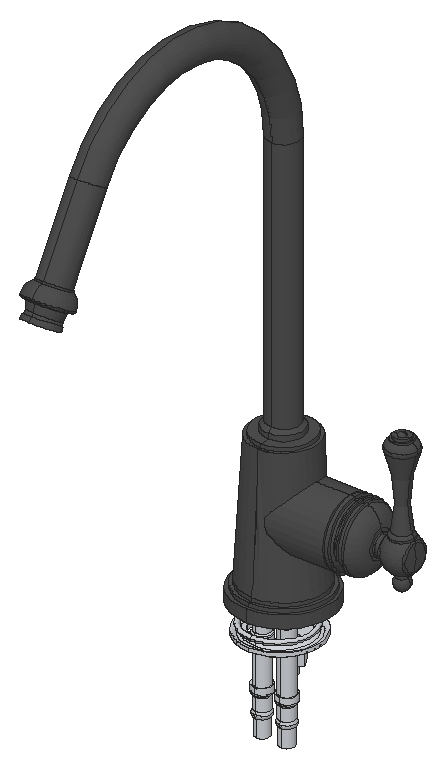
Revit family "Reece_Tap_Kado_Era_Sink Mixer_Pull Out", category Plumbing Fixtures, host Face, Revit 2018
Family settings
  Host = Face
  Round Connector Dimension = Use Diameter
  Part Type = Normal
  Cut with Voids When Loaded = No
  Shared = Yes
  Room Calculation Point = Yes
Parameters (values of type "200 mm_Matte Black")
  WFU = 0  # constant formula
  URL = "https://www.reece.com.au/product/-2263715"
  Type Comments = "Tap"
  Reece_Tap_Reach = 200 mm  # constant formula
  Reece_Tap_Inlet = 12.5 mm  # constant formula
  Reece_Product_Web Page = "https://www.reece.com.au/product/-2263715"
  Reece_Product_Type = "Tap"  # constant formula
  Reece_Product_Sub Brand = "Era"  # constant formula
  Reece_Product_Number = "2263715"
  Reece_Product_Mount = "Hob Mounted"
  Reece_Product_Description = "Kado Era Pull Out Sink Mixer Large Matte Black (5 Star)"
  Reece_Product_Brand = "Kado"  # constant formula
  Reece_Overall_Length = 368 mm  # constant formula
  Reece_Material_Secondary = Reece_Brass_Matte Black
  Reece_Material_Main = Reece_Brass_Matte Black
  Reece_Handle_Type = Reece_Tap_Kado_Era_Mixer_Lever Handle_Nested : Reece_Tap_Kado_Era_Mixer_Lever Handle_Nested
  Reece_Detail_Installation = ""
  Reece_Detail_Disclaimer = "THIS FILE IS THE PROPERTY OF THE REECE GROUP. IT MAY NOT BE REPRODUCED, REVERSE-ENGINEERED OR MODIFIED. ANY REPUBLICATION, TRANSMISSION OR DISTRIBUTION FOR THE PURPOSE OF COMMERCIALLY EXPLOITING THE FILES IS PROHIBITED."  # constant formula
  Reece_Detail_Connector = "Pull Out, Large"
  Reece_Detail_Additional = "Pull Out, Large"  # constant formula
  Model = "Era"
  Manufacturer = "Kado"
  Keynote = "Product #2263715, Reece_Tap_Kado_Era_Sink Mixer_Pull Out - 200 mm_Matte Black"
  HWFU = 0  # constant formula
  Disclaimer = "THIS FILE IS THE PROPERTY OF THE REECE GROUP. IT MAY NOT BE REPRODUCED, REVERSE-ENGINEERED OR MODIFIED. ANY REPUBLICATION, TRANSMISSION OR DISTRIBUTION FOR THE PURPOSE OF COMMERCIALLY EXPLOITING THE FILES IS PROHIBITED."  # constant formula
  Description = "Kado Era Pull Out Sink Mixer Large Matte Black (5 Star)"
  Default Elevation = 1000 mm
  CWFU = 0  # constant formula
Types (5, lengths in mm): name | URL | Reece_Product_Web Page | Reece_Product_Number | Reece_Product_Description | Reece_Material_Secondary | Reece_Material_Main | Reece_Handle_Type | Reece_Detail_Connector | Keynote | Description
  200 mm_Chrome | "https://www.reece.com.au/product/-2263714" | "https://www.reece.com.au/product/-2263714" | "2263714" | "Kado Era Pull Out Sink Mixer Large Chrome (5 Star)" | Reece_Brass_Chrome | Reece_Brass_Chrome | Reece_Tap_Kado_Era_Mixer_Lever Handle_Nested : Reece_Tap_Kado_Era_Mixer_Lever Handle_Nested | "Pull Out, Large" | "Product #2263714, Reece_Tap_Kado_Era_Sink Mixer_Pull Out - 200 mm_Chrome" | "Kado Era Pull Out Sink Mixer Large Chrome (5 Star)"
  200 mm_Matte Black | "https://www.reece.com.au/product/-2263715" | "https://www.reece.com.au/product/-2263715" | "2263715" | "Kado Era Pull Out Sink Mixer Large Matte Black (5 Star)" | Reece_Brass_Matte Black | Reece_Brass_Matte Black | Reece_Tap_Kado_Era_Mixer_Lever Handle_Nested : Reece_Tap_Kado_Era_Mixer_Lever Handle_Nested | "Pull Out, Large" | "Product #2263715, Reece_Tap_Kado_Era_Sink Mixer_Pull Out - 200 mm_Matte Black" | "Kado Era Pull Out Sink Mixer Large Matte Black (5 Star)"
  200 mm_Lever Handle_Chrome_Porcelain | "https://www.reece.com.au/product/-2263713" | "https://www.reece.com.au/product/-2263713" | "2263713" | "Kado Era Pull Out Sink Mixer Large Porcelain Handle Chrome (5 Star)" | Reece_Porcelain_White | Reece_Brass_Chrome | Reece_Tap_Kado_Era_Mixer_Porcelain Handle_Nested : Reece_Tap_Kado_Era_Mixer_Porcelain Handle_Nested | "Pull Out, Large" | "Product #2263713, Reece_Tap_Kado_Era_Sink Mixer_Pull Out - 200 mm_Lever Handle_Chrome_Porcelain" | "Kado Era Pull Out Sink Mixer Large Porcelain Lever Handle Chrome (5 Star)"
  200 mm_Brushed Nickel | "https://www.reece.com.au/product/-9512092" | "https://www.reece.com.au/product/-9512092" | "9512092" | "Kado Era Pull Out Sink Mixer Large Brushed Nickel (5 Star)" | Reece_Brass_Brushed Nickel | Reece_Brass_Brushed Nickel | Reece_Tap_Kado_Era_Mixer_Lever Handle_Nested : Reece_Tap_Kado_Era_Mixer_Lever Handle_Nested | "" | "Product #9512092, Reece_Tap_Kado_Era_Sink Mixer_Pull Out - 200 mm_Brushed Nickel" | "Kado Era Pull Out Sink Mixer Large Brushed Nickel (5 Star)"
  200 mm_Brushed Nickel_Porcelain | "https://www.reece.com.au/product/-9512093" | "https://www.reece.com.au/product/-9512093" | "9512093" | "Kado Era Pull Out Sink Mixer Large Porcelain Handle Brushed Nickel (5 Star)" | Reece_Porcelain_White | Reece_Brass_Brushed Nickel | Reece_Tap_Kado_Era_Mixer_Porcelain Handle_Nested : Reece_Tap_Kado_Era_Mixer_Porcelain Handle_Nested | "" | "Product #9512093, Reece_Tap_Kado_Era_Sink Mixer_Pull Out - 200 mm_Brushed Nickel_Porcelain" | "Kado Era Pull Out Sink Mixer Large Porcelain Handle Brushed Nickel (5 Star)"
Reference planes
  plane 1 "Center (Front/Back)": y = 0
  plane 2 "Bottom": z = 0
  plane 3 "Center (Left/Right)": x = 0
  plane 4 "Top": z = 368
  plane 5: z = 100
  plane 6: y = -30
  plane 7: y = 30
  plane 8: y = -200
Forms (mm)
  Sweep 1, solid, material "Reece_Brass_Matte Black" <- "Reece_Material_Main"
    path origin (0, 0, 0) x (0, 1, 0) y (0, 0, 1)
      loop
        line (0, 83.453) -> (0, 273.453)
        arc (0, 273.453) -> (-63.742, 356.523) -> (-160.478, 316.453) r 86
        line (-160.478, 316.453) -> (-188.263, 268.328)
    profile origin (0, 0, 178.453) x (0, -1, 0) y (1, 0, 0)
      loop
        circle (0, 0) r 10
  Revolve 2, solid, material "Reece_Brass_Matte Black" <- "Reece_Material_Main"
    sketch origin (0, 0, 0) x (0, 1, 0) y (0, 0, 1)
      loop
        line (-188.263, 268.328) -> (-196.923, 273.328)
        arc (-196.923, 273.328) -> (-197.457, 273.349) -> (-197.705, 272.877) r 0.5
        arc (-197.705, 272.877) -> (-202.724, 271.012) -> (-206.43, 267.149) r 11.987
        arc (-206.43, 267.149) -> (-206.551, 266.576) -> (-206.294, 266.05) r 0.9
        line (-206.294, 266.05) -> (-203.982, 263.738) -> (-205.356, 258.645)
        arc (-205.356, 258.645) -> (-206.136, 257.99) -> (-206.791, 257.21) r 5.915
        arc (-206.791, 257.21) -> (-208.141, 256.174) -> (-209.176, 254.825) r 6.516
        line (-209.176, 254.825) -> (-207.097, 253.624) -> (-204.488, 258.144) -> (-196.729, 253.665) -> (-188.263, 268.328)
      axis (-199.339, 249.145) -> (-188.263, 268.328)
    angle from 0 to 360
  Extrusion 3, void
    sketch origin (0, 0, 0) x (1, 0, 0) y (0, 1, 0)
      loop
        circle (0, 0) r 17.5
    from 0 to -99.399
  Revolve 4, solid
    sketch origin (-0.052, -6.983, 0.421) x (0, 1, 0) y (0, 0, 1)
      loop
        line (14.924, -0.412) -> (8.849, -0.412)
        arc (8.849, -0.412) -> (8.496, -0.558) -> (8.349, -0.912) r 0.5
        line (8.349, -0.912) -> (8.349, -14.094) -> (11.924, -14.094) -> (11.924, -47)
        arc (11.924, -47) -> (12.07, -47.353) -> (12.424, -47.5) r 0.5
        line (12.424, -47.5) -> (14.924, -47.5) -> (14.924, -0.412)
      axis (14.924, -47.5) -> (14.924, -0.412)
    angle from 0 to 360
  Extrusion 5, solid
    sketch origin (619.148, -626.183, -29.579) x (1, 0, 0) y (0, 1, 0)
      loop
        circle (-619.2, 634.124) r 3
      loop
        line (-622.996, 640.698) -> (-626.791, 634.124) -> (-622.996, 627.549) -> (-615.404, 627.549) -> (-611.609, 634.124) -> (-615.404, 640.698) -> (-622.996, 640.698)
    from -10 to 10
  Revolve 6, solid
    sketch origin (-0.052, -2.822, 3.421) x (0, 1, 0) y (0, 0, 1)
      loop
        arc (18.75, -21.5) -> (21.75, -23) -> (24.75, -21.5) r 3.75
        line (24.75, -21.5) -> (25.75, -21.5) -> (25.75, -19)
        arc (25.75, -19) -> (24.212, -19.499) -> (22.941, -20.498) r 4.61
        arc (22.941, -20.498) -> (21.841, -21) -> (20.728, -20.527) r 1.5
        arc (20.728, -20.527) -> (19.122, -19.398) -> (17.2, -19) r 4.84
        line (17.2, -19) -> (17.2, -21.5) -> (18.75, -21.5)
      axis (0, -19) -> (0, -21.5)
    angle from 0 to 360
  Revolve 7, solid
    sketch origin (-0.052, -5.42, 2.421) x (0, 1, 0) y (0, 0, 1)
      loop
        circle (22.2, -14) r 1.3
      axis (1, -14) -> (1, -13)
    angle from 0 to 360
  Revolve 8, solid
    sketch origin (-8.054, -4579.5, 338.47) x (0, 0, 1) y (0, -1, 0)
      loop
        line (-387.147, -4565.8) -> (-391.049, -4565.8)
        arc (-391.049, -4565.8) -> (-391.523, -4565.877) -> (-391.949, -4566.101) r 1.5
        line (-391.949, -4566.101) -> (-393.187, -4567.03) -> (-401.547, -4567.03) -> (-403.576, -4566.425)
        arc (-403.576, -4566.425) -> (-404.969, -4566.518) -> (-405.962, -4567.5) r 2
        line (-405.962, -4567.5) -> (-417.274, -4567.5) -> (-417.274, -4572) -> (-333.442, -4572) -> (-333.442, -4567.702) -> (-338.011, -4567.702) -> (-338.011, -4566.5) -> (-342.546, -4566.531) -> (-342.546, -4568.342)
        arc (-342.546, -4568.342) -> (-343.35, -4566.738) -> (-345.117, -4566.425) r 2
        line (-345.117, -4566.425) -> (-347.146, -4567.03) -> (-355.506, -4567.03) -> (-356.743, -4566.101)
        arc (-356.743, -4566.101) -> (-357.169, -4565.877) -> (-357.644, -4565.8) r 1.5
        line (-357.644, -4565.8) -> (-361.546, -4565.8) -> (-361.546, -4567) -> (-387.147, -4567) -> (-387.147, -4565.8)
      axis (-333.442, -4572) -> (-417.274, -4572)
    angle from 0 to 360
  Revolve 9, solid
    sketch origin (8.232, -4579.5, 338.47) x (0, 0, 1) y (0, 1, 0)
      loop
        line (-387.147, 4565.8) -> (-387.147, 4567) -> (-361.546, 4567) -> (-361.546, 4565.8) -> (-357.644, 4565.8)
        arc (-357.644, 4565.8) -> (-357.169, 4565.877) -> (-356.743, 4566.101) r 1.5
        line (-356.743, 4566.101) -> (-355.506, 4567.03) -> (-347.146, 4567.03) -> (-345.117, 4566.425)
        arc (-345.117, 4566.425) -> (-343.35, 4566.738) -> (-342.546, 4568.342) r 2
        line (-342.546, 4568.342) -> (-342.546, 4566.531) -> (-338.011, 4566.5) -> (-338.011, 4567.702) -> (-333.442, 4567.702) -> (-333.442, 4572) -> (-417.274, 4572) -> (-417.274, 4567.5) -> (-405.962, 4567.5)
        arc (-405.962, 4567.5) -> (-404.969, 4566.518) -> (-403.576, 4566.425) r 2
        line (-403.576, 4566.425) -> (-401.547, 4567.03) -> (-393.187, 4567.03) -> (-391.949, 4566.101)
        arc (-391.949, 4566.101) -> (-391.523, 4565.877) -> (-391.049, 4565.8) r 1.5
        line (-391.049, 4565.8) -> (-387.147, 4565.8)
      axis (-417.274, 4572) -> (-333.442, 4572)
    angle from 0 to 360
  Extrusion 10, solid
    sketch origin (-0.078, -2.822, -19.579) x (1, 0, 0) y (0, 1, 0)
      loop
        arc (-8.263, 1.702) -> (0, 3.159) -> (8.263, 1.702) r 24.16
        line (8.263, 1.702) -> (13.684, -0.271)
        arc (13.684, -0.271) -> (14.638, -1.003) -> (15, -2.15) r 2
        line (15, -2.15) -> (15, -8.417)
        arc (15, -8.417) -> (0, 17.2) -> (-15, -8.417) r 17.2
        line (-15, -8.417) -> (-15, -2.15)
        arc (-15, -2.15) -> (-14.638, -1.003) -> (-13.684, -0.271) r 2
        line (-13.684, -0.271) -> (-8.263, 1.702)
      loop
        circle (0, 10.873) r 5
    from 1.5 to 4
  Revolve 11, solid, material "Reece_Brass_Matte Black" <- "Reece_Material_Main"
    sketch origin (0, -98.145, 0) x (0, 1, 0) y (0, 0, 1)
      loop
        line (98.145, 106.4) -> (98.145, 0) -> (128.645, 0) -> (128.645, 8) -> (126.395, 8) -> (126.395, 10.25) -> (124.145, 10.25) -> (124.145, 12.5)
        arc (124.145, 12.5) -> (120.435, 55.054) -> (119.145, 97.75) r 752.643
        line (119.145, 97.75) -> (116.895, 97.75) -> (116.895, 100) -> (110.645, 100) -> (110.645, 103.4) -> (107.645, 106.4) -> (98.145, 106.4)
      axis (98.145, 106.4) -> (98.145, 0)
    angle from 0 to 360
  Revolve 12, solid, material "Reece_Brass_Matte Black" <- "Reece_Material_Main"
    sketch origin (-124.535, 0, 0) x (1, 0, 0) y (0, 0, 1)
      loop
        line (124.535, 55) -> (124.535, 33) -> (168.035, 33) -> (168.035, 34) -> (169.035, 34) -> (169.035, 33) -> (171.535, 33) -> (171.535, 55) -> (124.535, 55)
      axis (124.535, 55) -> (171.535, 55)
    angle from 0 to 360
Cuts and joins
  joined: Sweep 1, Revolve 2, Revolve 11, Revolve 12
  joined: Revolve 4, Extrusion 5, Revolve 6, Revolve 7, Revolve 8, Revolve 9
Text (mm)
  text "Reece Copyright © 2018, Reece Ltd." at (60.763, -266.859, 0), in view "Ref. Level"
  text "Reece ©" at (44.384, 258.95, 192.345), in view "Reece Preview"
Dimensions and locks
  plane 4 "Top" to plane 2 "Bottom" = 368 mm
  "Reece_Tap_Reach": plane 1 "Center (Front/Back)" to plane 8
  plane 2 "Bottom" to plane 5 = 100 mm
  "Reece_Overall_Length": plane 4 "Top" to plane 2 "Bottom"
  plane 5 to plane 2 "Bottom" = 100 mm
  plane 7 to plane 6 = 60 mm
  plane 7 to plane 8 = 230 mm
  plane 8 to plane 1 "Center (Front/Back)" = 200 mm
  aligned and locked: plane 2 "Bottom" to host face
  aligned and locked: level to host face
Automatic sketch dimensions
  host sketch curve to host sketch curve = 380.785 mm
  host sketch curve to host sketch curve = 317.421 mm
  Sweep 1 sketch curve to plane 1 "Center (Front/Back)" = 0 mm
  plane 6 to Sweep 1 sketch curve = 56 mm
  plane 8 to Sweep 1 sketch curve = 39.522 mm
  Sweep 1 sketch curve to plane 4 "Top" = 94.547 mm
  plane 8 to Sweep 1 sketch curve = 11.737 mm
  Sweep 1 sketch curve to Sweep 1 sketch curve = 48.125 mm
  Sweep 1 sketch curve to plane 5 = 16.547 mm
  Sweep 1 sketch curve to plane 3 "Center (Left/Right)" = 0 mm
  Sweep 1 sketch curve to profile plane = 0 mm
  Revolve 2 sketch curve to plane 8 = 9.176 mm
  Revolve 2 sketch curve to Revolve 2 sketch curve = 2.079 mm
  Revolve 2 sketch curve to plane 8 = 6.294 mm
  Revolve 2 sketch curve to Revolve 2 sketch curve = 0.636 mm  (x2)
  Revolve 2 sketch curve to Revolve 2 sketch curve = 1.742 mm
  Revolve 2 sketch curve to Revolve 2 sketch curve = 0.868 mm
  Revolve 2 sketch curve to Revolve 2 sketch curve = 2.312 mm  (x2)
  Revolve 2 sketch curve to plane 8 = 3.533 mm
  Revolve 2 sketch curve to plane 8 = 1.953 mm
  plane 8 to Revolve 2 sketch curve = 2.793 mm
  Revolve 2 sketch curve to Revolve 2 sketch curve = 0.283 mm
  plane 8 to Revolve 2 sketch curve = 3.271 mm
  plane 8 to Revolve 2 sketch curve = 3.855 mm
  Revolve 2 sketch curve to Revolve 2 sketch curve = 8.66 mm
  Revolve 2 sketch curve to plane 4 "Top" = 116.433 mm
  Revolve 2 sketch curve to Revolve 2 sketch curve = 2.058 mm
  Revolve 2 sketch curve to Revolve 2 sketch curve = 2.098 mm
  Revolve 2 sketch curve to Revolve 2 sketch curve = 2.24 mm
  Revolve 2 sketch curve to Revolve 2 sketch curve = 0.501 mm
  Revolve 2 sketch curve to Revolve 2 sketch curve = 7.328 mm
  Revolve 2 sketch curve to Revolve 2 sketch curve = 5.093 mm
  Revolve 2 sketch curve to Revolve 2 sketch curve = 0.412 mm
  Revolve 2 sketch curve to Revolve 2 sketch curve = 0 mm  (x3)
  Revolve 2 sketch curve to plane 8 = 0.756 mm
  Revolve 2 sketch curve to Revolve 2 sketch curve = 4.876 mm
  plane 1 "Center (Front/Back)" to Extrusion 3 sketch curve = 0 mm
  Extrusion 3 sketch curve to plane 3 "Center (Left/Right)" = 0 mm
  Revolve 4 sketch curve to plane 1 "Center (Front/Back)" = 1.367 mm
  level to Revolve 4 sketch curve = 0.009 mm
  Revolve 4 sketch curve to Revolve 4 sketch curve = 0.5 mm  (x2)
  Revolve 4 sketch curve to Revolve 4 sketch curve = 3.574 mm
  Revolve 4 sketch curve to Revolve 4 sketch curve = 2.5 mm
  Revolve 4 sketch curve to Revolve 4 sketch curve = 13.182 mm
  Revolve 4 sketch curve to Revolve 4 sketch curve = 32.906 mm
  Revolve 4 sketch curve to plane 1 "Center (Front/Back)" = 7.941 mm
  Revolve 4 sketch curve to Revolve 4 sketch curve = 0 mm
  Revolve 4 sketch curve to Revolve 4 sketch curve = 20.552 mm
  Extrusion 5 sketch curve to Extrusion 5 sketch curve = 0 mm  (x3)
  Extrusion 5 sketch curve to plane 3 "Center (Left/Right)" = 7.644 mm
  Extrusion 5 sketch curve to plane 3 "Center (Left/Right)" = 3.848 mm  (x2)
  Extrusion 5 sketch curve to plane 1 "Center (Front/Back)" = 1.367 mm
  Extrusion 5 sketch curve to plane 3 "Center (Left/Right)" = 0.052 mm
  plane 3 "Center (Left/Right)" to Extrusion 5 sketch curve = 3.744 mm  (x2)
  plane 3 "Center (Left/Right)" to Extrusion 5 sketch curve = 7.539 mm
  Extrusion 5 sketch curve to Extrusion 5 sketch curve = 6.574 mm  (x3)
  Extrusion 5 sketch curve to Extrusion 5 sketch curve = 3 mm
  Revolve 6 sketch curve to plane 1 "Center (Front/Back)" = 14.378 mm
  Revolve 6 sketch curve to Revolve 6 sketch curve = 1.55 mm
  Revolve 6 sketch curve to Revolve 6 sketch curve = 3 mm
  Revolve 6 sketch curve to Revolve 6 sketch curve = 0.072 mm
  Revolve 6 sketch curve to Revolve 6 sketch curve = 2.928 mm
  Revolve 6 sketch curve to Revolve 6 sketch curve = 1 mm
  Revolve 6 sketch curve to Revolve 6 sketch curve = 0.632 mm
  Revolve 6 sketch curve to level = 20.419 mm
  Revolve 6 sketch curve to Revolve 6 sketch curve = 0.274 mm
  Revolve 6 sketch curve to Revolve 6 sketch curve = 2.34 mm
  Revolve 6 sketch curve to Revolve 6 sketch curve = 2 mm
  Revolve 6 sketch curve to Revolve 6 sketch curve = 0.25 mm
  Revolve 6 sketch curve to Revolve 6 sketch curve = 2.5 mm  (x2)
  plane 1 "Center (Front/Back)" to Revolve 6 sketch curve = 2.822 mm
  Revolve 6 sketch curve to Revolve 6 sketch curve = 0 mm
  Revolve 6 sketch curve to Revolve 6 sketch curve = 316.97 mm
  plane 4 "Top" to Revolve 6 sketch curve = 479.253 mm
  Revolve 7 sketch curve to plane 7 = 13.22 mm
  Revolve 7 sketch curve to level = 11.579 mm  (x2)
  plane 1 "Center (Front/Back)" to Revolve 7 sketch curve = 4.42 mm
  Revolve 7 sketch curve to Revolve 7 sketch curve = 4.102 mm
  plane 1 "Center (Front/Back)" to Revolve 8 sketch curve = 12 mm
  Revolve 8 sketch curve to level = 78.804 mm
  Revolve 8 sketch curve to Revolve 8 sketch curve = 11.313 mm
  Revolve 8 sketch curve to Revolve 8 sketch curve = 1.814 mm
  plane 1 "Center (Front/Back)" to Revolve 8 sketch curve = 13.075 mm
  Revolve 8 sketch curve to Revolve 8 sketch curve = 0.571 mm  (x2)
  Revolve 8 sketch curve to Revolve 8 sketch curve = 2.029 mm  (x2)
  Revolve 8 sketch curve to Revolve 8 sketch curve = 8.36 mm  (x2)
  plane 1 "Center (Front/Back)" to Revolve 8 sketch curve = 13.399 mm
  Revolve 8 sketch curve to Revolve 8 sketch curve = 1.238 mm  (x2)
  Revolve 8 sketch curve to Revolve 8 sketch curve = 0.901 mm  (x2)
  Revolve 8 sketch curve to Revolve 8 sketch curve = 3.901 mm  (x2)
  Revolve 8 sketch curve to level = 23.076 mm
  Revolve 8 sketch curve to Revolve 8 sketch curve = 2.571 mm
  level to Revolve 8 sketch curve = 0.459 mm
  level to Revolve 8 sketch curve = 5.027 mm
  Revolve 8 sketch curve to Revolve 8 sketch curve = 4.5 mm
  plane 1 "Center (Front/Back)" to Revolve 8 sketch curve = 11.158 mm
  Revolve 8 sketch curve to Revolve 8 sketch curve = 0.639 mm
  plane 1 "Center (Front/Back)" to Revolve 8 sketch curve = 12.2 mm
  Revolve 8 sketch curve to Revolve 8 sketch curve = 1.199 mm  (x2)
  Revolve 8 sketch curve to Revolve 8 sketch curve = 1.312 mm
  Revolve 8 sketch curve to Revolve 8 sketch curve = 0.605 mm
  Revolve 8 sketch curve to Revolve 8 sketch curve = 1.2 mm
  Revolve 8 sketch curve to Revolve 8 sketch curve = 1.811 mm
  Revolve 8 sketch curve to Revolve 8 sketch curve = 1.202 mm
  Revolve 8 sketch curve to Revolve 8 sketch curve = 1.917 mm
  Revolve 8 sketch curve to Revolve 8 sketch curve = 1.522 mm
  plane 1 "Center (Front/Back)" to Revolve 8 sketch curve = 7.5 mm
  plane 5 to Revolve 8 sketch curve = 53.505 mm
  Revolve 8 sketch curve to Revolve 8 sketch curve = 0 mm
  plane 1 "Center (Front/Back)" to Revolve 9 sketch curve = 7.5 mm  (x2)
  Revolve 9 sketch curve to level = 78.804 mm
  Revolve 9 sketch curve to Revolve 9 sketch curve = 11.313 mm
  Revolve 9 sketch curve to Revolve 9 sketch curve = 1.814 mm
  plane 1 "Center (Front/Back)" to Revolve 9 sketch curve = 13.075 mm
  Revolve 9 sketch curve to Revolve 9 sketch curve = 0.571 mm  (x2)
  Revolve 9 sketch curve to Revolve 9 sketch curve = 2.029 mm  (x2)
  Revolve 9 sketch curve to Revolve 9 sketch curve = 8.36 mm  (x2)
  plane 1 "Center (Front/Back)" to Revolve 9 sketch curve = 13.399 mm
  Revolve 9 sketch curve to Revolve 9 sketch curve = 1.238 mm  (x2)
  Revolve 9 sketch curve to Revolve 9 sketch curve = 0.901 mm  (x2)
  Revolve 9 sketch curve to Revolve 9 sketch curve = 3.901 mm  (x2)
  Revolve 9 sketch curve to level = 23.076 mm
  Revolve 9 sketch curve to Revolve 9 sketch curve = 2.571 mm
  level to Revolve 9 sketch curve = 0.459 mm
  Revolve 9 sketch curve to Revolve 9 sketch curve = 4.568 mm
  plane 1 "Center (Front/Back)" to Revolve 9 sketch curve = 13.7 mm
  Revolve 9 sketch curve to Revolve 9 sketch curve = 0.301 mm  (x2)
  Revolve 9 sketch curve to Revolve 9 sketch curve = 0.324 mm
  Revolve 9 sketch curve to Revolve 9 sketch curve = 0.075 mm
  Revolve 9 sketch curve to Revolve 9 sketch curve = 0.106 mm
  Revolve 9 sketch curve to Revolve 9 sketch curve = 1.2 mm
  Revolve 9 sketch curve to Revolve 9 sketch curve = 0.929 mm  (x2)
  Revolve 9 sketch curve to Revolve 9 sketch curve = 4.5 mm
  Revolve 9 sketch curve to Revolve 9 sketch curve = 4.298 mm
  Revolve 9 sketch curve to Revolve 9 sketch curve = 1.917 mm
  Revolve 9 sketch curve to Revolve 9 sketch curve = 73.91 mm
  Revolve 9 sketch curve to Revolve 9 sketch curve = 1.522 mm
  Revolve 9 sketch curve to Revolve 9 sketch curve = 0 mm
  Extrusion 10 sketch curve to plane 3 "Center (Left/Right)" = 15.078 mm
  plane 1 "Center (Front/Back)" to Extrusion 10 sketch curve = 3.093 mm  (x2)
  Extrusion 10 sketch curve to Extrusion 10 sketch curve = 1.316 mm
  Extrusion 10 sketch curve to Extrusion 10 sketch curve = 0.684 mm  (x2)
  plane 1 "Center (Front/Back)" to Extrusion 10 sketch curve = 1.12 mm  (x2)
  Extrusion 10 sketch curve to Extrusion 10 sketch curve = 5.421 mm
  Extrusion 10 sketch curve to plane 3 "Center (Left/Right)" = 0.078 mm  (x3)
  Extrusion 10 sketch curve to Extrusion 10 sketch curve = 4.737 mm
  Extrusion 10 sketch curve to Extrusion 10 sketch curve = 2 mm
  Extrusion 10 sketch curve to Extrusion 10 sketch curve = 6.266 mm
  Extrusion 10 sketch curve to plane 6 = 6.178 mm
  plane 1 "Center (Front/Back)" to Extrusion 10 sketch curve = 2.822 mm
  Extrusion 10 sketch curve to plane 1 "Center (Front/Back)" = 8.051 mm
  Revolve 11 sketch curve to plane 1 "Center (Front/Back)" = 0 mm  (x2)
  level to Revolve 11 sketch curve = 0 mm  (x2)
  Revolve 11 sketch curve to plane 5 = 0 mm
  Revolve 11 sketch curve to Revolve 11 sketch curve = 9.5 mm
  Revolve 11 sketch curve to Revolve 11 sketch curve = 3 mm
  Revolve 11 sketch curve to plane 5 = 2.25 mm
  Revolve 11 sketch curve to Revolve 11 sketch curve = 6.25 mm
  Revolve 11 sketch curve to Revolve 11 sketch curve = 2.25 mm  (x2)
  Revolve 11 sketch curve to plane 7 = 4 mm
  Revolve 11 sketch curve to plane 7 = 1.75 mm
  plane 7 to Revolve 11 sketch curve = 0.5 mm
  Revolve 11 sketch curve to plane 5 = 0.878 mm
  plane 7 to Revolve 11 sketch curve = 743.642 mm
  Revolve 11 sketch curve to Revolve 11 sketch curve = 4.5 mm
  plane 5 to Revolve 11 sketch curve = 3.4 mm
  plane 5 to Revolve 11 sketch curve = 6.4 mm
  Revolve 11 sketch curve to Revolve 11 sketch curve = 0 mm
  Revolve 12 sketch curve to plane 3 "Center (Left/Right)" = 0 mm
  plane 3 "Center (Left/Right)" to Revolve 12 sketch curve = 43.5 mm
  Revolve 12 sketch curve to Revolve 12 sketch curve = 1 mm  (x2)
  Revolve 12 sketch curve to Revolve 12 sketch curve = 2.5 mm
  Revolve 12 sketch curve to Revolve 12 sketch curve = 0 mm
  Revolve 12 sketch curve to Revolve 12 sketch curve = 760 mm
  Revolve 12 sketch curve to Revolve 12 sketch curve = 853 mm
  level to Revolve 12 sketch curve = 33 mm
  Revolve 12 sketch curve to Revolve 12 sketch curve = 21 mm
  Revolve 12 sketch curve to plane 5 = 45 mm
  radius of Sweep 1 sketch curve = 10 mm
  radius of Extrusion 3 sketch curve = 17.5 mm
  radius of Revolve 7 sketch curve = 1.3 mm
  radius of Extrusion 10 sketch curve = 5 mm
Nested families
  nested 1: "Reece_Tap_Kado_Era_Mixer_Lever Handle_Nested" at (47, 0, 55) x (0, 0, -1) z (1, 0, 0), Reece_Material_Secondary <- "Reece_Material_Secondary", Reece_Material_Main <- "Reece_Material_Main", type <- "Reece_Handle_Type", type "Reece_Tap_Kado_Era_Mixer_Lever Handle_Nested"
    with Reece_Material_Secondary Reece_Brass_Matte Black, Reece_Material_Main Reece_Brass_Matte Black
Connectors
  piping at (-8.054, -7.5, -23.076), diameter 12.5, driven by "Reece_Tap_Inlet"
    settings: on Revolve 8, index 1, connector inside diameter 609.6 mm, connector length 0 mm, flow factor 0, pipe flow 0.0 L/s, pressure drop 0.0 Pa, fitting loss kfactor 0, connector angle 0.00°, fixture units 0, engagement length 0 mm, angle of deflection 0.00°, flow configuration 0, flow direction 1, fitting loss method 0, system type 29, joint type 0, gender type 0, connector reference index -1, connector utility 0, adjustable connector no, is connector primary yes, connector description ""
  piping at (8.232, -7.5, -23.076), diameter 12.5, driven by "Reece_Tap_Inlet"
    settings: on Revolve 9, index 2, connector inside diameter 609.6 mm, connector length 0 mm, flow factor 0, pipe flow 0.0 L/s, pressure drop 0.0 Pa, fitting loss kfactor 0, connector angle 0.00°, fixture units 0, engagement length 0 mm, angle of deflection 0.00°, flow configuration 0, flow direction 1, fitting loss method 0, system type 29, joint type 0, gender type 0, connector reference index -1, connector utility 0, adjustable connector no, is connector primary no, connector description ""
Definition of nested family "Reece_Tap_Kado_Era_Mixer_Lever Handle_Nested"
  Parameters (values of type "Reece_Tap_Kado_Era_Mixer_Lever Handle_Nested")
    Waste Connection = no
    WFU = 0
    Vent Connection = no
    URL = ""
    Type Comments = ""
    Reece_Material_Secondary [instance] = none
    Reece_Material_Main [instance] = none
    Model = ""
    Manufacturer = ""
    Keynote = ""
    HWFU = 0
    HW Connection = no
    Description = ""
    Default Elevation = 1000 mm
    Cost = 0
    CWFU = 0
    CW Connection = no
    Assembly Code = ""
  Reference planes
    plane 1 "Center (Front/Back)": y = 0
    plane 2 "Bottom": z = 0
    plane 3 "Center (Left/Right)": x = 0
    plane 4 "Top": z = 218.011
    plane 5: z = 0
    plane 6: z = 31
    plane 7: x = -71
  Forms (mm)
    Extrusion 1, solid
      sketch origin (619.2, -619.2, 0) x (1, 0, 0) y (0, 1, 0)
        loop
          line (-809.2, 779.2) -> (-809.2, 461.779) -> (-428.415, 461.779) -> (-428.415, 779.2) -> (-809.2, 779.2)
      from 0 to -9.564
    Revolve 2, solid, material <- "Reece_Material_Main"
      sketch origin (0, 0, 0) x (1, 0, 0) y (0, 0, 1)
        loop
          arc (20.785, 0) -> (13.115, 11.537) -> (0, 16) r 21.5
          line (0, 16) -> (0, 0) -> (20.785, 0)
        axis (0, 16) -> (0, 0)
      angle from 0 to 360
    Revolve 3, solid, material <- "Reece_Material_Main"
      sketch origin (0, 0, 3) x (1, 0, 0) y (0, 0, 1)
        loop
          arc (21.5, 0) -> (21.854, 0.146) -> (22, 0.5) r 0.5
          line (22, 0.5) -> (22, 1.486)
          arc (22, 1.486) -> (21.849, 1.849) -> (21.486, 2) r 0.514
          line (21.486, 2) -> (20.5, 2) -> (20.5, 4.477)
          arc (20.5, 4.477) -> (21.039, 5.016) -> (20.5, 5.555) r 0.539
          arc (20.5, 5.555) -> (15.924, 11.484) -> (8.873, 14.008) r 13.323
          line (8.873, 14.008) -> (7.306, 14.008)
          arc (7.306, 14.008) -> (6.683, 14.339) -> (6.433, 15) r 1
          line (6.433, 15) -> (6.433, 19) -> (0, 19) -> (0, 0) -> (21.5, 0)
        axis (0, 19) -> (0, 0)
      angle from 0 to 360
    Extrusion 4, void
      sketch origin (0, 0, -20) x (1, 0, 0) y (0, 0, -1)
        loop
          line (-2, -23) -> (24.096, -31) -> (24.096, -23) -> (-2, -23)
      from -28.109 to 30.383
    Sweep 5, solid
      path in 3D
        loop
          arc (0, 12, 0) -> (-4.718, 11.034, 0) -> (-8.676, 8.29, 0) r 12
          arc (-8.676, 8.29, 0) -> (-9.086, 7.653, 0) -> (-9.23, 6.908, 0) r 2
          line (-9.23, 6.908, 0) -> (-9.23, -6.89, 0)
          arc (-9.23, -6.89, 0) -> (-9.082, -7.653, 0) -> (-8.66, -8.307, 0) r 2.047
          arc (-8.66, -8.307, 0) -> (-4.708, -11.038, 0) -> (0, -12, 0) r 12
      profile origin (-9.23, 0.009, 0) x (1, 0, 0) y (0, 0, 1)
        loop
          line (0, 6.095) -> (0, -6.095)
          arc (0, -6.095) -> (0.241, -7.047) -> (0.906, -7.769) r 2
          line (0.906, -7.769) -> (0.906, 7.769)
          arc (0.906, 7.769) -> (0.241, 7.047) -> (0, 6.095) r 2
    Revolve 6, solid, material <- "Reece_Material_Main"
      sketch origin (52.011, 0, 85.354) x (0, 0, -1) y (1, 0, 0)
        loop
          line (57.785, -53.574) -> (54.354, -53.574) -> (54.354, -65.04) -> (60.354, -65.04)
          arc (60.354, -65.04) -> (61.217, -63.898) -> (61.789, -62.586) r 6.08
          line (61.789, -62.586) -> (61.789, -60.995) -> (57.785, -60.995) -> (57.785, -53.574)
        loop
          line (54.354, -43.033) -> (57.785, -43.033) -> (57.785, -38.209)
          arc (57.785, -38.209) -> (58.88, -32.941) -> (54.354, -30.033) r 4.748
          line (54.354, -30.033) -> (54.354, -43.033)
        loop
          arc (54.354, -123.02) -> (55.861, -122.571) -> (56.764, -121.283) r 2.393
          line (56.764, -121.283) -> (59.707, -121.283) -> (59.707, -120.028) -> (61.159, -120.028) -> (61.159, -119.18) -> (54.354, -119.18) -> (54.354, -123.02)
        axis (54.354, -30.033) -> (54.354, -123.02)
      angle from 0 to 360
    Revolve 7, solid, material <- "Reece_Material_Secondary"
      sketch origin (52.011, 0, 83.791) x (0, 0, -1) y (1, 0, 0)
        loop
          line (52.791, -119.18) -> (59.597, -119.18)
          arc (59.597, -119.18) -> (61.419, -117.384) -> (62.533, -115.08) r 7.502
          arc (62.533, -115.08) -> (62.67, -113.876) -> (62.411, -112.693) r 3.692
          arc (62.411, -112.693) -> (56.939, -89.144) -> (58.791, -65.04) r 79.581
          line (58.791, -65.04) -> (52.791, -65.04) -> (52.791, -119.18)
        axis (52.791, -65.04) -> (52.791, -119.18)
      angle from 0 to 360
    Revolve 8, solid, material <- "Reece_Material_Main"
      sketch origin (-100, 0, -70) x (-1, 0, 0) y (0, 0, -1)
        loop
          line (-100, -92) -> (-108.5, -92) -> (-108.5, -92.8)
          arc (-108.5, -92.8) -> (-111.981, -100.612) -> (-109.527, -108.805) r 12.299
          arc (-109.527, -108.805) -> (-108.987, -109.282) -> (-108.303, -109.51) r 1.803
          arc (-108.303, -109.51) -> (-104.159, -109.881) -> (-100, -110) r 68.342
          line (-100, -110) -> (-100, -92)
        axis (-100, -110) -> (-100, -92)
      angle from 0 to 360
  Cuts and joins
    Extrusion 4 cuts Revolve 3
    joined: Revolve 6, Revolve 8
  Lines and regions (mm)
    model lines
      curve 1: arc (-8.66, -8.307, 0) -> (-4.708, -11.038, 0) -> (0, -12, 0) r 12
      curve 2: line (-9.23, 6.908, 0) -> (-9.23, -6.89, 0)
      curve 3: arc (-9.23, -6.89, 0) -> (-9.082, -7.653, 0) -> (-8.66, -8.307, 0) r 2.047
      curve 4: arc (-8.676, 8.29, 0) -> (-9.086, 7.653, 0) -> (-9.23, 6.908, 0) r 2
      curve 5: arc (0, 12, 0) -> (-4.718, 11.034, 0) -> (-8.676, 8.29, 0) r 12
    sketch lines
      curve 6: line (-9.23, 6.908, 0) -> (-9.23, -6.89, 0)
      curve 7: arc (-8.676, 8.29, 0) -> (-9.086, 7.653, 0) -> (-9.23, 6.908, 0) r 2
      curve 8: arc (0, 12, 0) -> (-4.718, 11.034, 0) -> (-8.676, 8.29, 0) r 12
      curve 9: arc (-9.23, -6.89, 0) -> (-9.082, -7.653, 0) -> (-8.66, -8.307, 0) r 2.047
      curve 10: arc (-8.66, -8.307, 0) -> (-4.708, -11.038, 0) -> (0, -12, 0) r 12
  Text (mm)
    text "Reece Copyright © 2018, Reece Ltd." at (-1403.988, -1192.393, 0), in view "Ref. Level"
    text "Reece ©" at (44.384, 258.95, 192.345), in view "Reece Preview"
  Dimensions and locks
    plane 6 to Extrusion 1 = 31 mm
    plane 3 "Center (Left/Right)" to plane 7 = 71 mm
    aligned and locked: plane 2 "Bottom" to Extrusion 1
    aligned and locked: level to Extrusion 1
